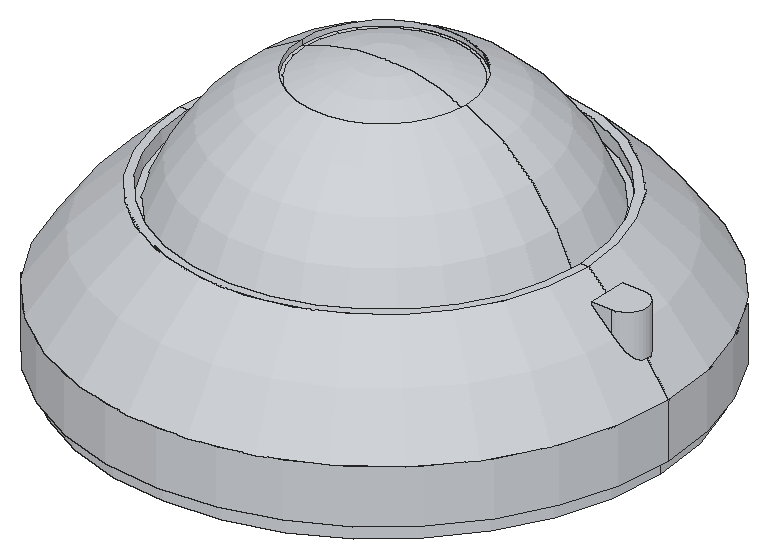
Revit family "Gira_239902", category Electrical Fixtures, host Face, Revit 2017
Family settings
  Host = Face
  Maintain Annotation Orientation = Yes
  Round Connector Dimension = Use Diameter
  Part Type = Normal
  Cut with Voids When Loaded = No
  Shared = No
  Room Calculation Point = No
Parameters (values of type "Pres. + motion detec. 360° Kompakt Sentinel")
  URL = "http://katalog.gira.de/en/datenblatt.html?artikelnr=239902"
  Name = "Pres. + motion detec. 360° Kompakt Sentinel"
  Manufacturer URL = "https://www.gira.de/"
  Manufacturer = "Gira"
  Keynote = ""
  HeinzeBIM = "https://bimportal.heinze.de/bim/pres-motion-detec-360-kompakt-sentinel/d4a18b872488b0345fe168593ef9e1d2920ec446"
  HAN = "239902"
  GTIN = "4010337019381"
  Description = "Pres. mot.det.360° Kompakt Sent,Presence detector and motion detector 360 compact,,,Features:,- Automatic switching of lighting, depending on the movement of heat and ambient brightness.,- 2-point light control.,- Functions can be adjusted with IR remote controls.,- Restricting the detection field by switching off individual sensors or clip-on panel.,- Operation with IR remote control, auxiliary unit 2-wire or rocker button.,- Teach-in function for adapting the brightness threshold, in combination with IR remote controls.,- Switch-off pre-warning.,- Short-term operation, e.g. for controlling acoustic signal transmitters.,- Occupied-home simulation.,- Function as twilight switch.,- Dynamic delay time.,- Extension of the detection field by connecting several devices in parallel.,,Notes :,- The required settings for start-up are carried out with the IR remote control PIR 1 (accessory) for the installer.,- Ceiling mounting indoors, surface-mounted."
  Default Elevation = 1219.2 mm
  Data sheet (1) = "https://katalog.gira.de/en/download.html?artikelnr=239902"
  Category = "Accessories for movement sensor"
  BIM (1) = "https://media.stage.bim.site/public/gira/36a6b08/Bewegungsmelder_360°-Aufsatz.rfa?public/gira/36a6b08/Bewegungsmelder_360°-Aufsatz.rfa"
  Available = "No"
Reference planes
  plane 1 "Center (Front/Back)": y = 0
  plane 2: z = 0
  plane 3 "Center (Left/Right)": x = 0
Forms (mm)
  Revolve 1, solid, detail levels fine
    sketch origin (0, 0, 0) x (1, 0, 0) y (0, 0, 1)
      loop
        line (-14.45, 43.996) -> (0, 43.996) -> (0, 47.07)
        arc (0, 47.07) -> (-7.387, 46.293) -> (-14.45, 43.996) r 35.5
      axis (0, 47.07) -> (0, 43.996)
    angle from 0 to 360
  Revolve 2, solid, detail levels fine
    sketch origin (0, 0, 0) x (1, 0, 0) y (0, 0, 1)
      loop
        line (-34.401, 23.8) -> (0, 23.8) -> (0, 43.996) -> (-15, 43.996) -> (-15, 44.875)
        arc (-15, 44.875) -> (-26.854, 36.32) -> (-34.401, 23.8) r 36.5
      axis (0, 44.875) -> (0, 23.8)
    angle from 0 to 360
  Revolve 3, solid, detail levels fine
    sketch origin (0, 0, 0) x (1, 0, 0) y (0, 0, 1)
      loop
        line (-51.5, 9.786) -> (-51.5, 0) -> (0, 0) -> (0, 23.8) -> (-35.498, 23.8) -> (-35.498, 26.29) -> (-36.928, 26.29)
        arc (-36.928, 26.29) -> (-44.977, 18.712) -> (-51.5, 9.786) r 60
      axis (0, 26.29) -> (0, 0)
    angle from 0 to 360
  Revolve 4, solid, detail levels fine
    sketch origin (0, 0, 0) x (1, 0, 0) y (0, 0, 1)
      loop
        line (-49.958, -2.789) -> (-48.958, -2.789) -> (-48.958, -1.289) -> (-47.669, 0) -> (-49.958, 0) -> (-49.958, -2.789)
      axis (0, 0) -> (0, -2.789)
    angle from 0 to 360
  Extrusion 5, solid
    sketch origin (0, 0, 0) x (1, 0, 0) y (0, 1, 0)
      loop
        line (-24.15, 19.208) -> (-24.15, -19.208)
        spline (-24.15, -19.208) -> (-24.108, -19.848) -> (-23.983, -20.476) -> (-23.777, -21.083) -> (-23.494, -21.658) -> (-23.138, -22.191) -> (-22.715, -22.673) -> (-22.233, -23.095) -> (-21.7, -23.452) -> (-21.125, -23.735) -> (-20.518, -23.941) -> (-19.89, -24.066) -> (-19.25, -24.108)
        line (-19.25, -24.108) -> (19.166, -24.108)
        spline (19.166, -24.108) -> (19.806, -24.066) -> (20.434, -23.941) -> (21.041, -23.735) -> (21.616, -23.452) -> (22.149, -23.095) -> (22.631, -22.673) -> (23.053, -22.191) -> (23.409, -21.658) -> (23.693, -21.083) -> (23.899, -20.476) -> (24.024, -19.848) -> (24.066, -19.208)
        line (24.066, -19.208) -> (24.066, 19.208)
        spline (24.066, 19.208) -> (24.024, 19.848) -> (23.899, 20.476) -> (23.693, 21.083) -> (23.409, 21.658) -> (23.053, 22.191) -> (22.631, 22.673) -> (22.149, 23.095) -> (21.616, 23.452) -> (21.041, 23.735) -> (20.434, 23.941) -> (19.806, 24.066) -> (19.166, 24.108)
        line (19.166, 24.108) -> (-19.25, 24.108)
        spline (-19.25, 24.108) -> (-19.89, 24.066) -> (-20.518, 23.941) -> (-21.125, 23.735) -> (-21.7, 23.452) -> (-22.233, 23.095) -> (-22.715, 22.673) -> (-23.138, 22.191) -> (-23.494, 21.658) -> (-23.777, 21.083) -> (-23.983, 20.476) -> (-24.108, 19.848) -> (-24.15, 19.208)
    from -0.889 to 1
  Extrusion 6, solid, detail levels fine
    sketch origin (0, 0, 0) x (1, 0, 0) y (0, 1, 0)
      loop
        arc (-4.754, 14.878) -> (-4.578, 14.454) -> (-4.154, 14.278) r 0.6
        line (-4.154, 14.278) -> (4.07, 14.278)
        arc (4.07, 14.278) -> (4.494, 14.454) -> (4.67, 14.878) r 0.6
        line (4.67, 14.878) -> (4.67, 20.902)
        arc (4.67, 20.902) -> (4.494, 21.326) -> (4.07, 21.502) r 0.6
        line (4.07, 21.502) -> (-4.154, 21.502)
        arc (-4.154, 21.502) -> (-4.585, 21.327) -> (-4.772, 20.902) r 0.618
        line (-4.772, 20.902) -> (-4.754, 14.878)
    from -15.789 to -0.889
  Extrusion 7, solid, detail levels fine
    sketch origin (0, 0, 0) x (1, 0, 0) y (0, 0, 1)
      loop
        line (-23.006, -13.231) -> (-21.623, -13.401) -> (-24.296, -6.252) -> (-23.502, 0.211) -> (-24.954, 0.211) -> (-24.887, -1.083) -> (-25.353, -6.415) -> (-23.006, -13.231)
      loop
        line (23.006, -13.231) -> (25.353, -6.415) -> (24.887, -1.083) -> (24.954, 0.211) -> (23.502, 0.211) -> (24.296, -6.252) -> (21.623, -13.401) -> (23.006, -13.231)
    from -11.1 to -7.9
  Extrusion 8, solid, detail levels fine
    sketch origin (0, 0, 0) x (1, 0, 0) y (0, 0, -1)
      loop
        line (-23.006, 13.231) -> (-25.353, 6.415) -> (-24.887, 1.083) -> (-24.954, -0.211) -> (-23.502, -0.211) -> (-24.296, 6.252) -> (-21.623, 13.401) -> (-23.006, 13.231)
      loop
        line (23.006, 13.231) -> (21.623, 13.401) -> (24.296, 6.252) -> (23.502, -0.211) -> (24.954, -0.211) -> (24.887, 1.083) -> (25.353, 6.415) -> (23.006, 13.231)
    from -11.1 to -7.9
  Extrusion 9, solid, detail levels fine
    sketch origin (0, 0, 0) x (1, 0, 0) y (0, 1, 0)
      loop
        line (40.39, 3.5) -> (40.39, -3.5) -> (44, -3.5)
        arc (44, -3.5) -> (47.5, 0) -> (44, 3.5) r 3.5
        line (44, 3.5) -> (40.39, 3.5)
    from 11.739 to 23.27
  Revolve 10, solid, detail levels medium
    sketch origin (0, 0, 0) x (1, 0, 0) y (0, 0, 1)
      loop
        line (-51.5, 9.786) -> (-51.5, 0) -> (0, 0) -> (0, 47.202)
        arc (0, 47.202) -> (-31.658, 36.626) -> (-51.5, 9.786) r 55.419
      axis (0, 47.202) -> (0, 0)
    angle from 0 to 360
  Extrusion 11, solid, detail levels medium
    sketch origin (0, 0, 0) x (1, 0, 0) y (0, 1, 0)
      loop
        circle (0, 0) r 49.958
    from -2.789 to 0
  Extrusion 12, solid, detail levels medium
    sketch origin (0, 0, 0) x (1, 0, 0) y (0, 0, -1)
      loop
        line (-24.954, -0.211) -> (-21.623, -0.211) -> (-21.623, 13.401) -> (-24.954, 13.401) -> (-24.954, -0.211)
      loop
        line (24.954, -0.211) -> (24.954, 13.401) -> (21.623, 13.401) -> (21.623, -0.211) -> (24.954, -0.211)
    from -11.1 to -7.9
  Extrusion 13, solid, detail levels medium
    sketch origin (0, 0, 0) x (1, 0, 0) y (0, 0, 1)
      loop
        line (-24.954, 0.211) -> (-24.954, -13.401) -> (-21.623, -13.401) -> (-21.623, 0.211) -> (-24.954, 0.211)
      loop
        line (24.954, 0.211) -> (21.623, 0.211) -> (21.623, -13.401) -> (24.954, -13.401) -> (24.954, 0.211)
    from -11.1 to 0
  Extrusion 14, solid, detail levels coarse
    sketch origin (0, 0, 0) x (1, 0, 0) y (0, 1, 0)
      loop
        circle (0, 0) r 51.5
    from -15.789 to 47.07
  Extrusion 15, solid, detail levels medium
    sketch origin (0, 0, 0) x (1, 0, 0) y (0, 1, 0)
      loop
        line (-4.752, 14.278) -> (4.67, 14.278) -> (4.67, 21.502) -> (-4.773, 21.502) -> (-4.752, 14.278)
    from -15.789 to -0.889
Dimensions and locks
  aligned and locked: plane 2 to host face
  aligned and locked: level to host face
  aligned and locked: nested 1 to plane 3 "Center (Left/Right)"
  aligned and locked: plane 1 "Center (Front/Back)" to nested 1
Nested families
  nested 1: "Belegungssensor - Bewegung - Aufputz - Beschriftung" at (0, 0, 0) x (0, -1, 0) z (0, 0, 1), type "Belegungssensor - Bewegung - Aufputz - Beschriftung"
Connectors
  electrical at (0, 0, -15.789)
    settings: on Extrusion 14, index 1, voltage 220 V, apparent load 0 VA, apparent load phase1 0 VA, apparent load phase2 0 VA, apparent load phase3 0 VA, power factor 1, load classification "Other", number of poles 1, system type 30, power factor state 1, is connector primary yes, connector utility no, sub classification motor no, connector description ""
Definition of nested family "Belegungssensor - Bewegung - Aufputz - Beschriftung"
  Reference planes
    plane 1: y = 0
    plane 2: x = 0
  Lines and regions (mm)
    Filled region 1, type "Gefüllter Bereich 1"
      outline origin (143.425, -20.712, 0) x (1, 0, 0) y (0, 1, 0)
        loop
          line (-148.697, 21.204) -> (-148.697, 20.409) -> (-147.583, 20.807) -> (-148.697, 21.204)
    Filled region 2, type "Gefüllter Bereich 1"
      outline origin (141.808, 30.001, 0) x (0.939693, 0.34202, 0) y (-0.34202, 0.939693, 0)
        loop
          line (-148.694, 21.203) -> (-148.694, 20.41) -> (-147.583, 20.807) -> (-148.694, 21.203)
    Filled region 3, type "Gefüllter Bereich 1"
      outline origin (141.819, -29.825, 0) x (-0.34202, -0.939693, 0) y (0.939693, -0.34202, 0)
        loop
          line (21.204, -148.697) -> (20.807, -147.583) -> (20.409, -148.697) -> (21.204, -148.697)
    detail lines
      curve 1: line (-1.207, 0.095, 0) -> (-3.486, 1.411, 0)
      curve 2: line (-1.207, 0.095, 0) -> (-3.486, -1.221, 0)
      curve 5: arc (-3.252, 1.752, 0) -> (-3.839, 0.095, 0) -> (-3.252, -1.562, 0) r 2.632
      curve 6: line (-6, 3, 0) -> (0, 3, 0)
      curve 7: line (-6, -3, 0) -> (-6, 3, 0)
      curve 8: line (0, -3, 0) -> (-6, -3, 0)
      curve 9: line (0, 3, 0) -> (0, -3, 0)
    reference lines
      curve 3: line (-1.207, 0.095, 0) -> (-3.616, 2.046, 0)
      curve 4: line (-1.207, 0.095, 0) -> (-3.616, -1.856, 0)
  Dimensions and locks
    curve 1 to curve 1 = 2.632 mm
    curve 2 to curve 2 = 2.632 mm
    curve 6 to curve 8 = 6 mm
    curve 7 to curve 9 = 6 mm
    angle curve 1 to curve 2 = 60.00°
    aligned and locked: curve 6 to curve 7
    aligned and locked: curve 9 to curve 9
